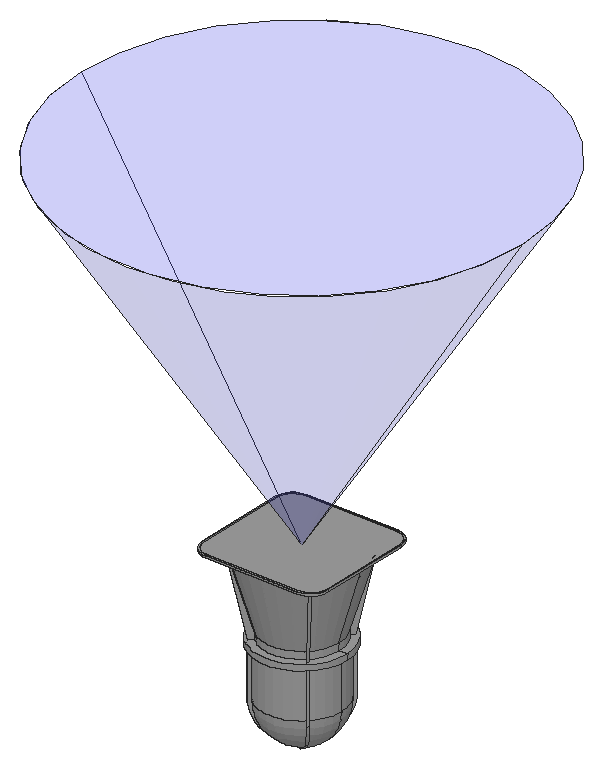
Revit family "AH66-212-BSG", category Communication Devices, Revit 2014
Parameters (values of type "Full-Range, Outdoor, Horn Loudspeaker")
  Width = 32.53"
  Weight Product = 300
  Warranty = "5 Year"
  Vertical Symmetry = yes
  URL = "www.atlassound.com"
  Transformer Option = yes
  Specification by User (default) = "TBD"
  Speaker Type = "S1"
  Speaker Listening Height [instance] = 30.00"
  Speaker Height [instance] = 120.00"
  Speaker Dispersion = 65.00°
  Speaker Cone Visible [instance] = yes
  Speaker Cone Height [instance] = (Speaker Height - Speaker Listening Height)  # 90.00"
  Sensitivity = 105.5
  ScheduleType |RF| = "AtlasIED Master"
  SPL Max = 134
  Rotation = 0.00°
  Radius of Speaker Cone [instance] = (Speaker Cone Height) * tan(Speaker Dispersion / 2)  # 57.33632"
  Product Page URL = "https://www.atlasied.com/ah66-212-bsg"
  Product Documentation Link = "https://www.atlasied.com/f/3921/ah212-data-sheet.pdf"
  Power Rating (RMS) = "750 Watts"
  Power Handling = 750
  Pitch = 0.00°
  OmniClass Title = "SPEAKERS"
  OmniClass Number = "23-37 17 13 19"
  Mount Material = Default
  Model = "AH66-212-BSG"
  Maximum Output = "128dB"
  MaterFormat Title = "SPEAKERS"
  MasterFormat = "27 41 13"
  Market = "Commercial, Higher Education, Emergency"
  Manufacturer URL = "https://www.atlasied.com"
  Manufacturer Phone = "(800) 876 - 3333"
  Manufacturer Email = "support@atlasied.com"
  Manufacturer Address = "4545 E. Baseline Rd., Phoenix, AZ 85042"
  Manufacturer = "ATLAS SOUND"
  Input Connectors = "Barrier Terminal"
  Ingress Protection = "IP45 When Tilted 5° Downwards"
  Impedance = 8
  IQ Category = "SPEAKERS"
  Height = 32.53"
  Grill Material = QF_Plastic - Black - Fine Textured
  Frequency Response  = "100Hz - 17kHz (-10 to +4dB)"
  Family Version [instance] = "2017-01"
  Family Code (default) = "LOUD SPEAKERS"
  Enclosure Material = none
  Dispersion Angle = 65.00°
  Description = "3-WAY STADIUM HORN LOUDSPEAKER WITH 65° X 65° COVERAGE PATTERN"
  Depth = 47.68"
  Coverage Vertical = 65.00°
  Coverage Horizontal = 65.00°
  Cost MSRP = 2802.99
  Cost = 2802.99
  Color = none
  Body Material = Default
  Baffle Material = none
  70V Taps = "32.00 W"
  100V Taps = "32.00 W"
Reference planes (in)
  plane 1 "Center (Front/Back)": y = 0
  plane 2: z = 0
  plane 3 "Center (Left/Right)": x = 0
  plane 4: x = 16.265
  plane 5: x = -16.265
  plane 6: y = 16.26203
  plane 7: y = -16.26797
  plane 8: z = -47.17414
Forms (in)
  Extrusion 1, solid, material "QF_Plastic - Black - Fine Textured" <- "Grill Material"
    sketch origin (-5.92216, 21.60703, 0.50586) x (0, 1, 0) y (1, 0, 0)
      loop
        arc (-9.79325, -10.01834) -> (-6.87767, -8.81067) -> (-5.67, -5.89509) r 4.12325
        line (-5.67, -5.89509) -> (-5.67, 17.73941)
        arc (-5.67, 17.73941) -> (-6.87767, 20.65499) -> (-9.79325, 21.86266) r 4.12325
        line (-9.79325, 21.86266) -> (-33.42725, 21.86266)
        arc (-33.42725, 21.86266) -> (-36.34283, 20.65499) -> (-37.5505, 17.73941) r 4.12325
        line (-37.5505, 17.73941) -> (-37.5505, -5.89509)
        arc (-37.5505, -5.89509) -> (-36.34283, -8.81067) -> (-33.42725, -10.01834) r 4.12325
        line (-33.42725, -10.01834) -> (-9.79325, -10.01834)
    from 0 to 0.50586
  Extrusion 2, solid, material "Default" <- "Body Material"
    sketch origin (18.66055, -18.66352, -13.86914) x (0, 0, -1) y (-0.707107, 0.707107, 0)
      loop
        line (-13.86914, 10.63229) -> (7.21256, 15.36323) -> (7.21256, 17.22052) -> (-13.86914, 10.88595) -> (-13.86914, 10.63229)
      loop
        line (8.71256, 15.265) -> (22.08003, 15.265)
        arc (22.08003, 15.265) -> (28.34154, 18.2525) -> (31.38908, 24.485) r 10.53846
        arc (31.38908, 24.485) -> (28.02782, 19.01564) -> (22.14389, 16.44828) r 10.7178
        line (22.14389, 16.44828) -> (8.71256, 16.44828) -> (8.71256, 15.265)
      loop
        line (-13.86914, 42.14771) -> (-13.86914, 41.89405) -> (7.21256, 35.55948) -> (7.21256, 37.41677) -> (-13.86914, 42.14771)
      loop
        line (8.71256, 37.515) -> (8.71256, 36.33172) -> (22.14389, 36.33172)
        arc (22.14389, 36.33172) -> (28.02782, 33.76436) -> (31.38908, 28.295) r 10.7178
        arc (31.38908, 28.295) -> (28.34154, 34.5275) -> (22.08003, 37.515) r 10.53846
        line (22.08003, 37.515) -> (8.71256, 37.515)
    from -0.25 to 0.25
  Extrusion 3, solid, material "Default" <- "Body Material"
    sketch origin (-5.92216, 21.60703, 0.50586) x (0, 1, 0) y (1, 0, 0)
      loop
        line (-5.345, -5.89509) -> (-5.345, 17.73941)
        arc (-5.345, 17.73941) -> (-6.64786, 20.8848) -> (-9.79325, 22.18766) r 4.44825
        line (-9.79325, 22.18766) -> (-33.42675, 22.18766)
        arc (-33.42675, 22.18766) -> (-36.57214, 20.8848) -> (-37.875, 17.73941) r 4.44825
        line (-37.875, 17.73941) -> (-37.875, -5.89509)
        arc (-37.875, -5.89509) -> (-36.57214, -9.04048) -> (-33.42675, -10.34334) r 4.44825
        line (-33.42675, -10.34334) -> (-9.79325, -10.34334)
        arc (-9.79325, -10.34334) -> (-6.64786, -9.04048) -> (-5.345, -5.89509) r 4.44825
      loop
        arc (-37.5505, -5.89509) -> (-36.34283, -8.81067) -> (-33.42725, -10.01834) r 4.12325
        line (-33.42725, -10.01834) -> (-9.79325, -10.01834)
        arc (-9.79325, -10.01834) -> (-6.87767, -8.81067) -> (-5.67, -5.89509) r 4.12325
        line (-5.67, -5.89509) -> (-5.67, 17.73941)
        arc (-5.67, 17.73941) -> (-6.87767, 20.65499) -> (-9.79325, 21.86266) r 4.12325
        line (-9.79325, 21.86266) -> (-33.42725, 21.86266)
        arc (-33.42725, 21.86266) -> (-36.34283, 20.65499) -> (-37.5505, 17.73941) r 4.12325
        line (-37.5505, 17.73941) -> (-37.5505, -5.89509)
    from 0 to 0.50586
  Extrusion 4, solid, material "Default" <- "Body Material"
    sketch origin (-5.92216, 21.60703, 0) x (0, 1, 0) y (-1, 0, 0)
      loop
        arc (-5.67, 5.89509) -> (-6.87767, 8.81067) -> (-9.79325, 10.01834) r 4.12325
        line (-9.79325, 10.01834) -> (-33.42725, 10.01834)
        arc (-33.42725, 10.01834) -> (-36.34283, 8.81067) -> (-37.5505, 5.89509) r 4.12325
        line (-37.5505, 5.89509) -> (-37.5505, -17.73941)
        arc (-37.5505, -17.73941) -> (-36.34283, -20.65499) -> (-33.42725, -21.86266) r 4.12325
        line (-33.42725, -21.86266) -> (-9.79325, -21.86266)
        arc (-9.79325, -21.86266) -> (-6.87767, -20.65499) -> (-5.67, -17.73941) r 4.12325
        line (-5.67, -17.73941) -> (-5.67, 5.89509)
    from 0 to 0.13
  Revolve 5, solid, material "Default" <- "Body Material"
    sketch origin (0, -0.00297, -13.86914) x (1, 0, 0) y (0, 0, -1)
      loop
        arc (0, 31.58756) -> (-7.33623, 28.54879) -> (-10.375, 21.21256) r 10.375
        line (-10.375, 21.21256) -> (-10.375, 8.71256) -> (-11.875, 8.71256) -> (-11.875, 7.21256) -> (-9.72481, 7.21256) -> (-9.72481, 5.36439) -> (-15.50405, -13.86914) -> (0, -13.86914) -> (0, 31.58756)
      axis (0, -13.86914) -> (0, 31.58756)
    angle from 0 to 360
  Extrusion 6, solid, material "Default" <- "Body Material"
    sketch origin (0, -13.62797, -12.29202) x (0, 0, -1) y (0, 1, 0)
      loop
        line (33.62212, 13.875) -> (33.1621, 13.875) -> (33.1621, 13.375) -> (33.62212, 13.375)
        arc (33.62212, 13.375) -> (34.87915, 13.625) -> (33.62212, 13.875) r 0.65338
      loop
        circle (34.22578, 13.625) r 0.40338
    from -0.08174 to 0.07955
  Extrusion 7, solid, material "Default" <- "Body Material"
    sketch origin (-18.66055, -18.66352, -13.86914) x (0, 0, -1) y (-0.707107, -0.707107, 0)
      loop
        line (-13.86914, -10.63229) -> (-13.86914, -10.88595) -> (7.21256, -17.22052) -> (7.21256, -15.36323) -> (-13.86914, -10.63229)
      loop
        line (8.71256, -15.265) -> (8.71256, -16.44828) -> (22.14389, -16.44828)
        arc (22.14389, -16.44828) -> (28.02782, -19.01564) -> (31.38908, -24.485) r 10.7178
        arc (31.38908, -24.485) -> (28.34154, -18.2525) -> (22.08003, -15.265) r 10.53846
        line (22.08003, -15.265) -> (8.71256, -15.265)
      loop
        line (-13.86914, -42.14771) -> (7.21256, -37.41677) -> (7.21256, -35.55948) -> (-13.86914, -41.89405) -> (-13.86914, -42.14771)
      loop
        line (8.71256, -37.515) -> (22.08003, -37.515)
        arc (22.08003, -37.515) -> (28.34154, -34.5275) -> (31.38908, -28.295) r 10.53846
        arc (31.38908, -28.295) -> (28.02782, -33.76436) -> (22.14389, -36.33172) r 10.7178
        line (22.14389, -36.33172) -> (8.71256, -36.33172) -> (8.71256, -37.515)
    from -0.25 to 0.25
  Blend 8, solid, material "Glass", visible <- "Speaker Cone Visible"
    base sketch origin (0, 0, 0) x (1, 0, 0) y (0, 1, 0)
      loop
        circle (0, 0.09521) r 57.33632
    top sketch origin (0, 0, 0) x (1, 0, 0) y (0, 1, 0)
      loop
        circle (0, 0.09521) r 0.13513
    from 90 <- "Speaker Cone Height" to 0
Lines and regions (in)
  symbolic lines, style "Sound Projection Average", visible <- "Speaker Cone Visible"
    curve 1: circle (0, 0.09521, 0) r 57.33632 normal (0, 0, 1)
Dimensions and locks (in)
  Extrusion 3 to plane 8 = 47.68"
  "Radius of Speaker Cone": radius of Blend 8 sketch curve
  aligned and locked: plane 2 to level
Nested families (in)
  nested 1: "Speaker Annotation" at (0, 0, 0), Speaker Type <- "Speaker Type", type "Data Annotation"
    with Speaker Type "S1"
Definition of nested family "Speaker Annotation"
  Parameters (values of type "Data Annotation")
    Speaker Type [instance] = ""
  Reference planes (in)
    plane 1: y = 0
    plane 2: x = 0
  Lines and regions (in)
    detail lines, style "Data Device"
      curve 1: circle (-0.00295, 0.00032, 0) r 0.09489 normal (0, 0, 1)
  Text (in)
    label "S1" at (0.00193, -0.00496, 0), shows "Speaker Type"
